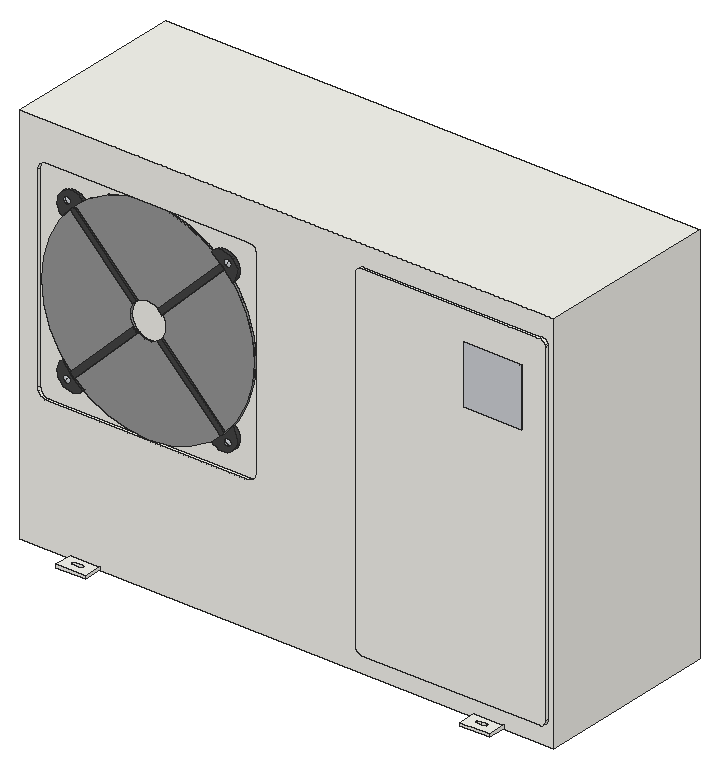
Revit family "CoolBox k 2.0-7.0", category Оборудование, Revit 2019
Family settings
  Размер круглого соединителя = Использовать диаметр
  Классификация = Нет
  Тип детали = Нормальный
  На основе рабочей плоскости = Нет
  Всегда вертикально = Нет
  При загрузке вырезать с полостями = Нет
  Общий = Нет
  Точка расчета площади = Нет
Parameters (values of type "CoolBox k 7.0")
  Фреон ж = 9.5 mm
  Фреон г = 15 mm
  Фреон = "R410A"
  Крепеж длина = 50 mm
  выдавл_вент = 5 mm
  Вентилятор от края = 215 mm
  B Ширина = 902 mm
  Толщина НК = 70 mm
  C Толщина = 307 mm
  НК от н края = 35 mm
  Крепеж от края = 85 mm
  Высота НК = 195 mm
  Высота ВК = 170 mm
  ADSK_Холодильная мощность = 7000 W
  ADSK_Номинальная мощность = 2280 W
  ADSK_Напряжение = 0 V
  ADSK_Наименование = "CoolBox k 7.0"
  ADSK_Масса = 50
  ADSK_Марка = ""
  ADSK_Количество фаз = 1
  ADSK_Количество = 0
  ADSK_Код изделия = ""
  ADSK_Завод-изготовитель = ""
  ADSK_Единица измерения = ""
  A Высота = 650 mm
  Вентилятор_R [instance] = 225 mm
  ВК от в края = 215 mm
Types (5, lengths in mm): name | Фреон ж | Фреон г | B Ширина | C Толщина | ADSK_Холодильная мощность | ADSK_Номинальная мощность | ADSK_Наименование | ADSK_Масса | A Высота
  CoolBox k 2.5 | 6.4 | 9 | 600 | 230 | 2500 W | 850 W | "CoolBox k 2.5" | 24 | 500
  CoolBox k 2.0 | 6.4 | 9 | 600 | 230 | 2000 W | 700 W | "CoolBox k 2.0" | 23 | 500
  CoolBox k 3.5 | 6.4 | 9 | 700 | 256 | 3500 W | 1130 W | "CoolBox k 3.5" | 30 | 552
  CoolBox k 5.0 | 6.4 | 12.7 | 760 | 256 | 5000 W | 1710 W | "CoolBox k 5.0" | 37 | 552
  CoolBox k 7.0 | 9.5 | 15 | 902 | 307 | 7000 W | 2280 W | "CoolBox k 7.0" | 50 | 650
Reference planes
  plane 1 "По центру (Вперед/Назад)": y = 0
  plane 2: z = 0
  plane 3 "По центру (Влево/Вправо)": x = 0
  plane 4: x = -451
  plane 5: x = 451
  plane 6: y = 153.5
  plane 7: y = -153.5
  plane 8: z = 650
  plane 9: z = 35
  plane 10: z = 435
  plane 11: x = 451
  plane 12: z = 169.5
  plane 13: z = 108.175
Forms (mm)
  Extrusion 1, solid, material "Сталь, окрашенная, слоновая кость, блестящая(1)", detail levels medium+fine
    sketch origin (0, 0, 0) x (1, 0, 0) y (0, 1, 0)
      loop
        line (-451, 153.5) -> (-451, -153.5) -> (451, -153.5) -> (451, 153.5) -> (-451, 153.5)
    from 0 to 650
  Extrusion 2, void, detail levels fine
    sketch origin (-1310.689, -153.5, 1200) x (1, 0, 0) y (0, 0, 1)
      loop
        arc (904.689, -615) -> (894.083, -619.393) -> (889.689, -630) r 15
        line (889.689, -630) -> (889.689, -960)
        arc (889.689, -960) -> (894.083, -970.607) -> (904.689, -975) r 15
        line (904.689, -975) -> (1244.689, -975)
        arc (1244.689, -975) -> (1255.296, -970.607) -> (1259.689, -960) r 15
        line (1259.689, -960) -> (1259.689, -630)
        arc (1259.689, -630) -> (1255.296, -619.393) -> (1244.689, -615) r 15
        line (1244.689, -615) -> (904.689, -615)
    from 0 to -5
  Extrusion 3, solid, material "Сталь, окрашенная, слоновая кость, блестящая(1)", detail levels medium
    sketch origin (451, 805.968, 1200) x (0, 1, 0) y (0, 0, 1)
      loop
        line (-860.835, -970) -> (-860.835, -1165) -> (-750.835, -1165) -> (-750.835, -970) -> (-860.835, -970)
    from 0 to 70 <- "Толщина НК"
  Extrusion 4, solid, material "Сталь, окрашенная, слоновая кость, блестящая(1)", detail levels medium
    sketch origin (451, 805.968, 1200) x (0, 1, 0) y (0, 0, 1)
      loop
        line (-908.264, -595) -> (-908.264, -765) -> (-769, -765) -> (-769, -595) -> (-908.264, -595)
    from 0 to 20
  Extrusion 5, solid, material "Сталь, окрашенная, слоновая кость, блестящая(1)", detail levels fine
    sketch origin (-1310.689, -153.5, 1200) x (-1, 0, 0) y (0, 0, 1)
      loop
        line (-1440.689, -585) -> (-1741.689, -585)
        arc (-1741.689, -585) -> (-1748.761, -587.929) -> (-1751.689, -595) r 10
        line (-1751.689, -595) -> (-1751.689, -1160)
        arc (-1751.689, -1160) -> (-1748.761, -1167.071) -> (-1741.689, -1170) r 10
        line (-1741.689, -1170) -> (-1440.689, -1170)
        arc (-1440.689, -1170) -> (-1433.618, -1167.071) -> (-1430.689, -1160) r 10
        line (-1430.689, -1160) -> (-1430.689, -595)
        arc (-1430.689, -595) -> (-1433.618, -587.929) -> (-1440.689, -585) r 10
    from 0 to -5
  Extrusion 6, solid, detail levels fine
    sketch origin (-1310.689, -158.5, 1200) x (1, 0, 0) y (0, 0, 1)
      loop
        line (1613.689, -635) -> (1613.689, -733) -> (1711.689, -733) -> (1711.689, -635) -> (1613.689, -635)
    from 0 to 1
  Extrusion 7, solid, material "Сталь, окрашенная, слоновая кость, блестящая(1)", detail levels fine
    sketch origin (-1125.713, 153.5, 1200) x (-1, 0, 0) y (0, 0, 1)
      loop
        line (-1486.713, -590) -> (-1541.713, -590)
        arc (-1541.713, -590) -> (-1548.784, -592.929) -> (-1551.713, -600) r 10
        line (-1551.713, -600) -> (-1551.713, -1160)
        arc (-1551.713, -1160) -> (-1548.784, -1167.071) -> (-1541.713, -1170) r 10
        line (-1541.713, -1170) -> (-1486.713, -1170)
        arc (-1486.713, -1170) -> (-1479.642, -1167.071) -> (-1476.713, -1160) r 10
        line (-1476.713, -1160) -> (-1476.713, -600)
        arc (-1476.713, -600) -> (-1479.642, -592.929) -> (-1486.713, -590) r 10
    from 0 to 5 <- "выдавл_вент"
  Extrusion 8, solid, material "Сталь, окрашенная, слоновая кость, блестящая(1)", detail levels medium+fine
    sketch origin (0, 0, 0) x (1, 0, 0) y (0, 1, 0)
      loop
        line (-366, 183.5) -> (-366, 153.5) -> (-316, 153.5) -> (-316, 183.5) -> (-366, 183.5)
      loop
        spline (-331, 168.5) -> (-331.341, 169.406) -> (-332.34, 170.25) -> (-333.929, 170.975) -> (-336, 171.531) -> (-338.412, 171.881) -> (-341, 172) -> (-343.588, 171.881) -> (-346, 171.531) -> (-348.071, 170.975) -> (-349.66, 170.25) -> (-350.659, 169.406) -> (-351, 168.5)
        spline (-351, 168.5) -> (-350.659, 167.594) -> (-349.66, 166.75) -> (-348.071, 166.025) -> (-346, 165.469) -> (-343.588, 165.119) -> (-341, 165) -> (-338.412, 165.119) -> (-336, 165.469) -> (-333.929, 166.025) -> (-332.34, 166.75) -> (-331.341, 167.594) -> (-331, 168.5)
    from 0 to 5
  Extrusion 9, solid, material "Сталь, окрашенная, слоновая кость, блестящая(1)", detail levels medium+fine
    sketch origin (0, 0, 0) x (1, 0, 0) y (0, 1, 0)
      loop
        line (-366, -183.5) -> (-316, -183.5) -> (-316, -153.5) -> (-366, -153.5) -> (-366, -183.5)
      loop
        spline (-331, -168.5) -> (-331.341, -167.594) -> (-332.34, -166.75) -> (-333.929, -166.025) -> (-336, -165.469) -> (-338.412, -165.119) -> (-341, -165) -> (-343.588, -165.119) -> (-346, -165.469) -> (-348.071, -166.025) -> (-349.66, -166.75) -> (-350.659, -167.594) -> (-351, -168.5)
        spline (-351, -168.5) -> (-350.659, -169.406) -> (-349.66, -170.25) -> (-348.071, -170.975) -> (-346, -171.531) -> (-343.588, -171.881) -> (-341, -172) -> (-338.412, -171.881) -> (-336, -171.531) -> (-333.929, -170.975) -> (-332.34, -170.25) -> (-331.341, -169.406) -> (-331, -168.5)
    from 0 to 5
  Extrusion 10, solid, material "Сталь, окрашенная, слоновая кость, блестящая(1)", detail levels medium+fine
    sketch origin (0, 0, 0) x (-1, 0, 0) y (0, -1, 0)
      loop
        line (-366, -183.5) -> (-316, -183.5) -> (-316, -153.5) -> (-366, -153.5) -> (-366, -183.5)
      loop
        spline (-331, -168.5) -> (-331.341, -167.594) -> (-332.34, -166.75) -> (-333.929, -166.025) -> (-336, -165.469) -> (-338.412, -165.119) -> (-341, -165) -> (-343.588, -165.119) -> (-346, -165.469) -> (-348.071, -166.025) -> (-349.66, -166.75) -> (-350.659, -167.594) -> (-351, -168.5)
        spline (-351, -168.5) -> (-350.659, -169.406) -> (-349.66, -170.25) -> (-348.071, -170.975) -> (-346, -171.531) -> (-343.588, -171.881) -> (-341, -172) -> (-338.412, -171.881) -> (-336, -171.531) -> (-333.929, -170.975) -> (-332.34, -170.25) -> (-331.341, -169.406) -> (-331, -168.5)
    from 0 to 5
  Extrusion 11, solid, material "Сталь, окрашенная, слоновая кость, блестящая(1)", detail levels medium+fine
    sketch origin (0, 0, 0) x (-1, 0, 0) y (0, -1, 0)
      loop
        line (-366, 183.5) -> (-366, 153.5) -> (-316, 153.5) -> (-316, 183.5) -> (-366, 183.5)
      loop
        spline (-331, 168.5) -> (-331.341, 169.406) -> (-332.34, 170.25) -> (-333.929, 170.975) -> (-336, 171.531) -> (-338.412, 171.881) -> (-341, 172) -> (-343.588, 171.881) -> (-346, 171.531) -> (-348.071, 170.975) -> (-349.66, 170.25) -> (-350.659, 169.406) -> (-351, 168.5)
        spline (-351, 168.5) -> (-350.659, 167.594) -> (-349.66, 166.75) -> (-348.071, 166.025) -> (-346, 165.469) -> (-343.588, 165.119) -> (-341, 165) -> (-338.412, 165.119) -> (-336, 165.469) -> (-333.929, 166.025) -> (-332.34, 166.75) -> (-331.341, 167.594) -> (-331, 168.5)
    from 0 to 5
Cuts and joins
  Extrusion 2 cuts Extrusion 1
Lines and regions (mm)
  model lines, detail levels fine
    curve 1: line (-431, -133.5, 650) -> (0, -133.5, 650)
    curve 2: line (0, -113.5, 650) -> (-30, -113.5, 650)
    curve 3: line (-30, -113.5, 650) -> (0, -133.5, 650)
    curve 4: line (0, -113.5, 650) -> (30, -113.5, 650)
    curve 5: line (30, -113.5, 650) -> (0, -133.5, 650)
    curve 6: line (0, -111.455, 650) -> (-431, -111.455, 650)
    curve 7: arc (-431, -133.5, 650) -> (-442.023, -122.477, 650) -> (-431, -111.455, 650) r 11.023
    curve 8: line (431, -133.5, 650) -> (0, -133.5, 650)
    curve 9: line (0, -111.455, 650) -> (431, -111.455, 650)
    curve 10: arc (431, -133.5, 650) -> (442.023, -122.477, 650) -> (431, -111.455, 650) r 11.023
    curve 11: line (-451, -153.5, 625) -> (451, -153.5, 625)
    curve 12: line (-451, 153.5, 625) -> (451, 153.5, 625)
    curve 13: line (-451, -153.5, 625) -> (-451, 153.5, 625)
    curve 14: line (451, -153.5, 625) -> (451, 153.5, 625)
  model lines, detail levels coarse
    curve 15: line (451, 98.728, 169.5) -> (451, 0, 169.5)
    curve 16: line (451, 98.728, 108.175) -> (451, 0, 108.175)
    curve 17: line (-451, 0, 650) -> (451, 0, 650)
    curve 18: line (-451, 0, 0) -> (-451, 0, 650)
    curve 19: line (451, 0, 0) -> (-451, 0, 0)
    curve 20: line (451, 0, 650) -> (451, 0, 0)
    curve 21: line (447.825, 0, 108.175) -> (451, 0, 108.175)
    curve 22: line (447.825, 0, 108.175) -> (401, 0, 108.175)
    curve 23: line (451, 0, 169.5) -> (451, 0, 516)
    curve 24: line (451, 0, 516) -> (80, 0, 516)
    curve 25: circle (0, 0, 516) r 80 normal (0, -1, 0)
    curve 26: line (-80, 0, 516) -> (-48.18, 0, 547.82)
    curve 27: line (-80, 0, 516) -> (-48.18, 0, 484.18)
    curve 28: line (-48.18, 0, 547.82) -> (-48.18, 0, 484.18)
    curve 29: line (-80, 0, 516) -> (-371, 0, 516)
    curve 30: line (-371, 0, 516) -> (-371, 0, 108.175)
    curve 31: line (-371, 0, 108.175) -> (-321, 0, 108.175)
    curve 32: line (-321, 0, 108.175) -> (-271.503, 0, 157.672)
    curve 33: line (-271.503, 0, 157.672) -> (-222.005, 0, 108.175)
    curve 34: line (-321, 0, 108.175) -> (-271.503, 0, 58.678)
    curve 35: line (-271.503, 0, 58.678) -> (-222.005, 0, 108.175)
    curve 36: line (-222.005, 0, 108.175) -> (401, 0, 108.175)
    curve 37: line (-271.503, 0, 172.672) -> (-292.716, 0, 193.886)
    curve 38: line (-271.503, 0, 172.672) -> (-250.289, 0, 193.886)
    curve 39: line (-292.716, 0, 193.886) -> (-250.289, 0, 193.886)
    curve 40: line (-271.503, 0, 22.464) -> (-292.716, 0, 43.678)
    curve 41: line (-271.503, 0, 22.464) -> (-250.289, 0, 43.678)
    curve 42: line (-292.716, 0, 43.678) -> (-250.289, 0, 43.678)
  reference lines
    curve 43: line (494.732, -15.009, 108.175) -> (494.732, 55.133, 108.175)
    curve 44: line (477.105, 55.133, 169.5) -> (477.105, -15.009, 169.5)
Dimensions and locks
  equal spacing: plane 7, plane 1 "По центру (Вперед/Назад)", plane 6
  equal spacing: plane 4, plane 3 "По центру (Влево/Вправо)", plane 5
  "C Толщина": plane 6 to plane 7
  "B Ширина": plane 4 to plane 5
  "A Высота": plane 8 to plane 2
  plane 8 to Extrusion 2 sketch curve = 65 mm
  Extrusion 2 sketch curve to plane 4 = 30 mm
  Extrusion 2 sketch curve to Extrusion 2 sketch curve = 370 mm
  Extrusion 2 sketch curve to Extrusion 2 sketch curve = 360 mm
  "НК от н края": plane 9 to plane 2
  "ВК от в края": plane 8 to plane 10
  plane 8 to Extrusion 5 sketch curve = 35 mm
  plane 5 to Extrusion 5 sketch curve = 10 mm
  Extrusion 5 sketch curve to plane 2 = 30 mm
  plane 8 to Extrusion 6 sketch curve = 85 mm
  plane 5 to Extrusion 6 sketch curve = 50 mm
  Extrusion 6 sketch curve to Extrusion 6 sketch curve = 98 mm  (x2)
  Extrusion 7 sketch curve to plane 8 = 40 mm
  Extrusion 7 sketch curve to Extrusion 7 sketch curve = 75 mm
  plane 5 to Extrusion 7 sketch curve = 25 mm
  "Крепеж от края": plane 4 to Extrusion 8 sketch curve
  "Крепеж длина": Extrusion 8 sketch curve to Extrusion 8 sketch curve
  Extrusion 8 sketch curve to plane 6 = 30 mm
  equal spacing: Extrusion 8 sketch curve, Extrusion 8 sketch curve, Extrusion 8 sketch curve
  equal spacing: Extrusion 8 sketch curve, Extrusion 8 sketch curve, plane 6
  "Крепеж длина": Extrusion 9 sketch curve to Extrusion 9 sketch curve
  equal spacing: Extrusion 9 sketch curve, Extrusion 9 sketch curve, Extrusion 9 sketch curve
  Extrusion 9 sketch curve to Extrusion 9 sketch curve = 15 mm
  curve 1 to plane 7 = 20 mm
  curve 1 to curve 6 = 22.045 mm
  curve 8 to curve 9 = 22.045 mm
  plane 8 to curve 11 = 25 mm
  plane 8 to curve 12 = 25 mm
  plane 8 to curve 13 = 25 mm
  plane 8 to curve 14 = 25 mm
  "Вентилятор от края": nested 1 to plane 4
  locked: plane 8 to nested 1 at 245
  locked: Extrusion 3 sketch curve to Extrusion 3 sketch curve at 110
  locked: Extrusion 3 sketch curve to plane 9 at 195
  "Крепеж длина": Extrusion 10 sketch curve to Extrusion 10 sketch curve
  equal spacing: Extrusion 10 sketch curve, Extrusion 10 sketch curve, Extrusion 10 sketch curve
  Extrusion 10 sketch curve to Extrusion 10 sketch curve = 15 mm
  "Крепеж длина": Extrusion 11 sketch curve to Extrusion 11 sketch curve
  equal spacing: Extrusion 11 sketch curve, Extrusion 11 sketch curve, Extrusion 11 sketch curve
  Extrusion 11 sketch curve to Extrusion 11 sketch curve = 15 mm
  "Крепеж от края": Extrusion 11 sketch curve to plane 11
  "Крепеж от края": Extrusion 10 sketch curve to plane 11
  aligned and locked: level to plane 2
  aligned and locked: plane 7 to Extrusion 1 sketch curve
  aligned and locked: plane 4 to Extrusion 1 sketch curve
  aligned and locked: Extrusion 1 sketch curve to plane 5
  aligned and locked: Extrusion 1 sketch curve to plane 6
  aligned and locked: plane 8 to Extrusion 1
  aligned and locked: Extrusion 1 to plane 2
  aligned and locked: plane 10 to Extrusion 4 sketch curve
  aligned and locked: plane 7 to Extrusion 5
  aligned and locked: plane 6 to Extrusion 8 sketch curve
  aligned and locked: plane 7 to Extrusion 9
  aligned and locked: Extrusion 9 to plane 2
  aligned and locked: plane 3 "По центру (Влево/Вправо)" to curve 6
  aligned and locked: plane 3 "По центру (Влево/Вправо)" to curve 1
  aligned and locked: plane 4 to curve 11
  aligned and locked: plane 5 to curve 11
  aligned and locked: plane 4 to curve 12
  aligned and locked: plane 5 to curve 12
  aligned and locked: plane 7 to curve 13
  aligned and locked: plane 6 to curve 13
  aligned and locked: plane 7 to curve 14
  aligned and locked: plane 6 to curve 14
  aligned and locked: plane 4 to curve 18
  aligned and locked: plane 2 to curve 19
  aligned and locked: curve 20 to plane 5
  aligned and locked: curve 17 to plane 8
  aligned and locked: curve 23 to plane 5
  aligned and locked: plane 11 to plane 5
  aligned and locked: Extrusion 3 to curve 43
  aligned and locked: Extrusion 3 to curve 44
Automatic sketch dimensions
  Extrusion 2 sketch curve to Extrusion 2 sketch curve = 15 mm  (x4)
  Extrusion 3 sketch curve to plane 9 = 0 mm
  plane 1 "По центру (Вперед/Назад)" to Extrusion 3 sketch curve = 54.867 mm
  plane 7 to Extrusion 4 sketch curve = 51.204 mm
  Extrusion 4 sketch curve to plane 1 "По центру (Вперед/Назад)" = 36.969 mm
  Extrusion 4 sketch curve to plane 8 = 45 mm
  curve 4 to plane 3 "По центру (Влево/Вправо)" = 0 mm
  curve 5 to curve 2 = 30 mm
  curve 8 to plane 5 = 20 mm
  curve 3 to plane 3 "По центру (Влево/Вправо)" = 30 mm
  plane 4 to curve 6 = 20 mm
  curve 6 to curve 4 = 2.045 mm
  Extrusion 5 sketch curve to Extrusion 5 sketch curve = 10 mm  (x3)
  plane 9 to Extrusion 5 sketch curve = 5 mm
  plane 3 "По центру (Влево/Вправо)" to Extrusion 5 sketch curve = 130 mm
  Extrusion 7 sketch curve to plane 9 = 5 mm
  Extrusion 7 sketch curve to Extrusion 7 sketch curve = 10 mm  (x3)
  plane 9 to Extrusion 7 sketch curve = 5 mm
  curve 16 to plane 1 "По центру (Вперед/Назад)" = 0 mm
  curve 15 to plane 1 "По центру (Вперед/Назад)" = 0 mm
  plane 9 to curve 16 = 73.175 mm
  curve 16 to curve 15 = 61.325 mm
  curve 16 to plane 6 = 54.772 mm
  curve 15 to plane 6 = 54.772 mm
  curve 25 to plane 3 "По центру (Влево/Вправо)" = 0 mm
  plane 4 to curve 30 = 80 mm
  curve 30 to curve 32 = 50 mm
  plane 9 to curve 40 = 8.678 mm
  curve 31 to curve 40 = 28.284 mm
  curve 31 to curve 39 = 28.284 mm
  curve 37 to curve 33 = 21.213 mm
  curve 40 to plane 9 = 12.536 mm
  curve 40 to curve 41 = 21.213 mm
  curve 37 to curve 32 = 0 mm
  plane 9 to curve 35 = 23.678 mm
  curve 35 to curve 41 = 21.213 mm
  curve 37 to curve 39 = 21.213 mm
  curve 28 to plane 3 "По центру (Влево/Вправо)" = 48.18 mm
  curve 22 to plane 5 = 50 mm
  curve 22 to plane 5 = 3.175 mm
  plane 9 to curve 22 = 73.175 mm
  curve 32 to curve 38 = 15 mm
  plane 10 to curve 27 = 49.18 mm
  plane 10 to curve 29 = 81 mm
  curve 27 to curve 25 = 31.82 mm
  plane 10 to curve 24 = 81 mm
  curve 29 to curve 26 = 31.82 mm
  curve 29 to curve 27 = 31.82 mm
  curve 21 to curve 23 = 61.325 mm
  curve 27 to curve 29 = 0 mm
  curve 26 to curve 27 = 0 mm
  curve 43 to plane 1 "По центру (Вперед/Назад)" = 55.133 mm
  plane 5 to curve 43 = 43.732 mm
  plane 1 "По центру (Вперед/Назад)" to curve 43 = 15.009 mm
  curve 44 to plane 1 "По центру (Вперед/Назад)" = 55.133 mm
  plane 5 to curve 44 = 26.105 mm
  plane 1 "По центру (Вперед/Назад)" to curve 44 = 15.009 mm
  Extrusion 8 sketch curve to Extrusion 8 sketch curve = 10 mm
  Extrusion 9 sketch curve to plane 7 = 0 mm
  Extrusion 9 sketch curve to plane 7 = 30 mm
  plane 4 to Extrusion 9 sketch curve = 85 mm
  Extrusion 9 sketch curve to Extrusion 9 sketch curve = 10 mm
  Extrusion 9 sketch curve to plane 7 = 15 mm
  Extrusion 10 sketch curve to plane 6 = 0 mm
  Extrusion 10 sketch curve to Extrusion 10 sketch curve = 30 mm
  Extrusion 10 sketch curve to Extrusion 10 sketch curve = 10 mm
  plane 6 to Extrusion 10 sketch curve = 15 mm
  Extrusion 11 sketch curve to plane 7 = 0 mm
  Extrusion 11 sketch curve to Extrusion 11 sketch curve = 30 mm
  Extrusion 11 sketch curve to Extrusion 11 sketch curve = 10 mm
  Extrusion 11 sketch curve to plane 7 = 15 mm
Nested families
  nested 1: "Вентилятор" at (-236, -148.5, 405) x (1, 0, 0) z (0, -1, 0), type "Вентилятор"
    with Глубина вентилятора 5 mm, Вентилятор_R 180 mm, Вентилятор_D 360 mm, L 350 mm
Connectors
  piping at (477.105, 55.133, 169.5), diameter 9.5, driven by "Фреон ж"
    settings: on curve 44, index 1, connector inside diameter 609.6 mm, connector length 0 mm, flow factor 0, pipe flow 0.0 L/s, pressure drop 0.0 Pa, fitting loss kfactor 0, connector angle 0.00°, fixture units 0, engagement length 0 mm, angle of deflection 0.00°, flow configuration 0, flow direction 2, fitting loss method 0, system type 29, joint type 0, gender type 0, connector reference index -1, connector utility 0, adjustable connector no, is connector primary yes, connector description "Фреон Ж"
  piping at (494.732, 55.133, 108.175), diameter 15, driven by "Фреон г"
    settings: on curve 43, index 2, connector inside diameter 609.6 mm, connector length 0 mm, flow factor 0, pipe flow 0.0 L/s, pressure drop 0.0 Pa, fitting loss kfactor 0, connector angle 0.00°, fixture units 0, engagement length 0 mm, angle of deflection 0.00°, flow configuration 0, flow direction 1, fitting loss method 0, system type 29, joint type 0, gender type 0, connector reference index -1, connector utility 0, adjustable connector no, is connector primary no, connector description "Фреон Г"
Definition of nested family "Вентилятор"
  Parameters (values of type "Вентилятор")
    Watermarked By = ""
    Type Comments = "﻿﻿                                    ​         ​                       ​     ﻿                             ﻿      ﻿  ﻿   ​ ﻿       ﻿   ﻿   ﻿﻿"
    Keynote = "﻿﻿                                    ​         ​                       ​     ﻿                             ﻿      ﻿  ﻿   ​ ﻿       ﻿   ﻿   ﻿﻿"
    Description = "﻿﻿                                    ​         ​                       ​     ﻿                             ﻿      ﻿  ﻿   ​ ﻿       ﻿   ﻿   ﻿﻿"
    Default Elevation = 1219.2 mm
    Вентилятор_D [instance] = 360 mm
    Глубина вентилятора [instance] = 5 mm
    Вентилятор_R [instance] = Вентилятор_D / 2  # 180 mm
    L [instance] = Вентилятор_D - 8.8 mm - 1.2 mm  # 350 mm
    Assembly Code = "﻿﻿                                    ​         ​                       ​     ﻿                             ﻿      ﻿  ﻿   ​ ﻿       ﻿   ﻿   ﻿﻿"
  Reference planes
    plane 1 "По центру (Вперед/Назад)": y = 0
    plane 2: z = 0
    plane 3 "По центру (Влево/Вправо)": x = 0
    plane 4: z = 483
    plane 5: through (0, 0, 1219.2) normal (0.7071, 0.7071, 0)
    plane 6: through (0, 0, 1219.2) normal (0.7071, -0.7071, 0)
    plane 7: through (-123.744, 123.744, 1219.2) normal (0.7071, -0.7071, 0)
    plane 8: through (123.744, -123.744, 1219.2) normal (0.7071, -0.7071, 0)
    plane 9: through (-123.744, -123.744, 1219.2) normal (0.7071, 0.7071, 0)
    plane 10: through (123.744, 123.744, 1219.2) normal (0.7071, 0.7071, 0)
  Forms (mm)
    Extrusion 1, solid
      sketch origin (0, 0, 0) x (1, 0, 0) y (0, 1, 0)
        loop
          line (-1219.2, 1219.2) -> (-1219.2, -1219.2) -> (1219.2, -1219.2) -> (1219.2, 1219.2) -> (-1219.2, 1219.2)
      from 0 to -304.8
    Extrusion 2, solid, detail levels medium+fine
      sketch origin (0, 0, 0) x (1, 0, 0) y (0, 1, 0)
        loop
          circle (0, 0) r 180
        loop
          circle (0, 0) r 30
      from 0 to 3
    Extrusion 3, solid, detail levels medium+fine
      sketch origin (0, 0, 0) x (1, 0, 0) y (0, 1, 0)
        loop
          line (120.208, 127.279) -> (17.381, 24.452)
          arc (17.381, 24.452) -> (21.213, 21.213) -> (24.452, 17.381) r 30
          line (24.452, 17.381) -> (127.279, 120.208)
          arc (127.279, 120.208) -> (127.279, 127.279) -> (120.208, 127.279) r 5
        loop
          line (-127.279, 120.208) -> (-24.452, 17.381)
          arc (-24.452, 17.381) -> (-21.213, 21.213) -> (-17.381, 24.452) r 30
          line (-17.381, 24.452) -> (-120.208, 127.279)
          arc (-120.208, 127.279) -> (-127.279, 127.279) -> (-127.279, 120.208) r 5
        loop
          line (-24.452, -17.381) -> (-127.279, -120.208)
          arc (-127.279, -120.208) -> (-127.279, -127.279) -> (-120.208, -127.279) r 5
          line (-120.208, -127.279) -> (-17.381, -24.452)
          arc (-17.381, -24.452) -> (-21.213, -21.213) -> (-24.452, -17.381) r 30
        loop
          arc (24.452, -17.381) -> (21.213, -21.213) -> (17.381, -24.452) r 30
          line (17.381, -24.452) -> (120.208, -127.279)
          arc (120.208, -127.279) -> (127.279, -127.279) -> (127.279, -120.208) r 5
          line (127.279, -120.208) -> (24.452, -17.381)
      from 0 to 5
    Extrusion 4, solid, detail levels fine
      sketch origin (0, 0, 0) x (1, 0, 0) y (0, 1, 0)
        loop
          arc (-144.957, 144.957) -> (-152.264, 126.411) -> (-143.687, 108.417) r 25
          arc (-143.687, 108.417) -> (-127.279, 127.279) -> (-108.417, 143.687) r 180
          arc (-108.417, 143.687) -> (-126.411, 152.264) -> (-144.957, 144.957) r 25
        loop
          arc (144.957, 144.957) -> (126.411, 152.264) -> (108.417, 143.687) r 25
          arc (108.417, 143.687) -> (127.279, 127.279) -> (143.687, 108.417) r 180
          arc (143.687, 108.417) -> (152.264, 126.411) -> (144.957, 144.957) r 25
        loop
          arc (-144.957, -144.957) -> (-126.411, -152.264) -> (-108.417, -143.687) r 25
          arc (-108.417, -143.687) -> (-127.279, -127.279) -> (-143.687, -108.417) r 180
          arc (-143.687, -108.417) -> (-152.264, -126.411) -> (-144.957, -144.957) r 25
        loop
          arc (144.957, -144.957) -> (152.264, -126.411) -> (143.687, -108.417) r 25
          arc (143.687, -108.417) -> (127.279, -127.279) -> (108.417, -143.687) r 180
          arc (108.417, -143.687) -> (126.411, -152.264) -> (144.957, -144.957) r 25
      from 0 to 5
    Revolve 5, solid, detail levels fine
      sketch origin (0, 0, 1219.2) x (-0.707107, 0.707107, 0) y (0, 0, 1)
        loop
          line (-191.632, -1214.2) -> (-186.591, -1214.2)
          arc (-186.591, -1214.2) -> (-189.012, -1213.121) -> (-191.632, -1212.715) r 10
          line (-191.632, -1212.715) -> (-191.632, -1214.2)
        axis (-191.632, -1212.715) -> (-191.632, -1214.2)
      angle from 0 to 360
    Revolve 6, solid, detail levels fine
      sketch origin (0, 0, 1219.2) x (0.707107, 0.707107, 0) y (0, 0, -1)
        loop
          line (-191.632, 1214.2) -> (-191.632, 1212.715)
          arc (-191.632, 1212.715) -> (-189.012, 1213.121) -> (-186.591, 1214.2) r 10
          line (-186.591, 1214.2) -> (-191.632, 1214.2)
        axis (-191.632, 1212.715) -> (-191.632, 1214.2)
      angle from 0 to 360
    Revolve 7, solid, detail levels fine
      sketch origin (0, 0, 1219.2) x (-0.707107, -0.707107, 0) y (0, 0, -1)
        loop
          line (-191.632, 1214.2) -> (-191.632, 1212.715)
          arc (-191.632, 1212.715) -> (-189.012, 1213.121) -> (-186.591, 1214.2) r 10
          line (-186.591, 1214.2) -> (-191.632, 1214.2)
        axis (-191.632, 1212.715) -> (-191.632, 1214.2)
      angle from 0 to 360
    Revolve 8, solid, detail levels fine
      sketch origin (0, 0, 1219.2) x (0.707107, -0.707107, 0) y (0, 0, 1)
        loop
          line (-191.632, -1214.2) -> (-186.591, -1214.2)
          arc (-186.591, -1214.2) -> (-189.012, -1213.121) -> (-191.632, -1212.715) r 10
          line (-191.632, -1212.715) -> (-191.632, -1214.2)
        axis (-191.632, -1212.715) -> (-191.632, -1214.2)
      angle from 0 to 360
  Lines and regions (mm)
    model lines, detail levels fine
      curve 1: circle (0, 0, 3) r 10 normal (0, 0, 1)
      curve 2: circle (0, 0, 3) r 20 normal (0, 0, 1)
      curve 4: circle (0, 0, 3) r 50 normal (0, 0, 1)
      curve 5: circle (0, 0, 3) r 60 normal (0, 0, 1)
      curve 6: circle (0, 0, 3) r 80 normal (0, 0, 1)
      curve 7: circle (0, 0, 3) r 90 normal (0, 0, 1)
      curve 8: circle (0, 0, 3) r 110 normal (0, 0, 1)
      curve 9: circle (0, 0, 3) r 120 normal (0, 0, 1)
      curve 10: circle (0, 0, 3) r 140 normal (0, 0, 1)
      curve 11: circle (0, 0, 3) r 150 normal (0, 0, 1)
    model lines, detail levels medium+fine
      curve 3: circle (0, 0, 3) r 30 normal (0, 0, 1)
    model lines, not visible
      curve 12: arc (-25, -225, 5) -> (225, 25, 5) -> (-25, 275, 5) r 250
      curve 13: arc (-25, 275, 5) -> (-275, 25, 5) -> (-25, -225, 5) r 250
      curve 14: circle (-25, 25, 5) r 60 normal (0, 0, 1)
      curve 15: circle (-25, 25, 5) r 70 normal (0, 0, 1)
      curve 16: circle (-25, 25, 5) r 90 normal (0, 0, 1)
      curve 17: circle (-25, 25, 5) r 100 normal (0, 0, 1)
      curve 18: circle (-25, 25, 5) r 120 normal (0, 0, 1)
      curve 19: circle (-25, 25, 5) r 130 normal (0, 0, 1)
      curve 20: circle (-25, 25, 5) r 150 normal (0, 0, 1)
      curve 21: circle (-25, 25, 5) r 160 normal (0, 0, 1)
      curve 22: circle (-25, 25, 5) r 180 normal (0, 0, 1)
      curve 23: circle (-25, 25, 5) r 190 normal (0, 0, 1)
      curve 24: circle (-25, 25, 5) r 210 normal (0, 0, 1)
      curve 25: circle (-25, 25, 5) r 220 normal (0, 0, 1)
      curve 26: circle (-25, 25, 5) r 240 normal (0, 0, 1)
      curve 27: circle (-25, 25, 5) r 40 normal (0, 0, 1)
  Dimensions and locks
    plane 4 to plane 2 = 483 mm
    equal spacing: plane 10, plane 5, plane 9
    equal spacing: plane 7, plane 6, plane 8
    "L": plane 10 to plane 9
    "L": plane 7 to plane 8
    Extrusion 3 sketch curve to plane 5 to Extrusion 3 sketch curve = 5 mm locked, 5 mm locked  (x2)
    Extrusion 3 sketch curve to plane 6 to Extrusion 3 sketch curve = 5 mm locked, 5 mm locked  (x2)
    "Вентилятор_R": radius of Extrusion 2 sketch curve
    radius of Extrusion 3 sketch curve = 5 mm  (x4)
    aligned and locked: plane 2 to Extrusion 1
    aligned and locked: level to Extrusion 1
    aligned and locked: plane 3 "По центру (Влево/Вправо)" to Extrusion 2
    aligned and locked: Extrusion 3 sketch curve to Extrusion 2  (x4)
    aligned and locked: plane 10 to Extrusion 3 sketch curve  (x2)
    aligned and locked: plane 8 to Extrusion 3 sketch curve  (x2)
    aligned and locked: plane 9 to Extrusion 3 sketch curve  (x2)
    aligned and locked: plane 7 to Extrusion 3 sketch curve  (x2)
    aligned and locked: plane 5 to Extrusion 4 sketch curve
    aligned and locked: plane 6 to Extrusion 4 sketch curve  (x2)
    aligned and locked: Revolve 5 sketch curve to Extrusion 4
    aligned and locked: Revolve 6 to Extrusion 4  (x2)
    aligned and locked: Extrusion 4 to Revolve 5  (x2)
  Automatic sketch dimensions
    curve 1 to curve 7 = 0 mm  (x3)
    curve 2 to curve 4 = 0 mm  (x4)
    curve 2 to curve 7 = 0 mm  (x3)
    curve 3 to curve 4 = 0 mm  (x3)
    curve 3 to curve 8 = 0 mm  (x3)
    curve 3 to curve 9 = 0 mm  (x3)
    curve 4 to curve 6 = 0 mm  (x3)
    curve 5 to curve 6 = 0 mm  (x4)
    curve 5 to curve 11 = 0 mm  (x3)
    curve 6 to curve 7 = 0 mm  (x3)
    curve 8 to curve 9 = 0 mm  (x4)
    curve 9 to curve 11 = 0 mm  (x3)
    curve 10 to curve 11 = 0 mm  (x4)
    curve 1 to curve 2 = 0 mm  (x2)
    curve 1 to curve 3 = 0 mm  (x2)
    curve 1 to curve 4 = 0 mm  (x2)
    curve 1 to curve 5 = 0 mm  (x2)
    curve 1 to curve 6 = 0 mm  (x2)
    curve 1 to curve 8 = 0 mm  (x2)
    curve 1 to curve 9 = 0 mm  (x2)
    curve 1 to curve 10 = 0 mm  (x2)
    curve 1 to curve 11 = 0 mm  (x2)
    curve 2 to curve 3 = 0 mm  (x2)
    curve 2 to curve 5 = 0 mm  (x2)
    curve 2 to curve 6 = 0 mm  (x2)
    curve 2 to curve 8 = 0 mm  (x2)
    curve 2 to curve 9 = 0 mm  (x2)
    curve 2 to curve 10 = 0 mm  (x2)
    curve 2 to curve 11 = 0 mm  (x2)
    curve 3 to curve 5 = 0 mm  (x2)
    curve 3 to curve 6 = 0 mm  (x2)
    curve 3 to curve 7 = 0 mm  (x2)
    curve 3 to curve 10 = 0 mm  (x2)
    curve 3 to curve 11 = 0 mm  (x2)
    curve 4 to curve 5 = 0 mm  (x2)
    curve 4 to curve 7 = 0 mm  (x2)
    curve 4 to curve 8 = 0 mm  (x2)
    curve 4 to curve 9 = 0 mm  (x2)
    curve 4 to curve 10 = 0 mm  (x2)
    curve 4 to curve 11 = 0 mm  (x2)
    curve 5 to curve 7 = 0 mm  (x2)
    curve 5 to curve 8 = 0 mm  (x2)
    curve 5 to curve 9 = 0 mm  (x2)
    curve 5 to curve 10 = 0 mm  (x2)
    curve 6 to curve 8 = 0 mm  (x2)
    curve 6 to curve 9 = 0 mm  (x2)
    curve 6 to curve 10 = 0 mm  (x2)
    curve 6 to curve 11 = 0 mm  (x2)
    curve 7 to curve 8 = 0 mm  (x2)
    curve 7 to curve 9 = 0 mm  (x2)
    curve 7 to curve 10 = 0 mm  (x2)
    curve 7 to curve 11 = 0 mm  (x2)
    curve 8 to curve 10 = 0 mm  (x2)
    curve 8 to curve 11 = 0 mm  (x2)
    curve 9 to curve 10 = 0 mm  (x2)
    curve 12 to curve 15 = 0 mm  (x4)
    curve 13 to curve 17 = 0 mm  (x3)
    curve 14 to curve 21 = 0 mm  (x3)
    curve 14 to curve 26 = 0 mm  (x4)
    curve 15 to curve 24 = 0 mm  (x3)
    curve 15 to curve 25 = 0 mm  (x3)
    curve 15 to curve 27 = 0 mm  (x3)
    curve 16 to curve 18 = 0 mm  (x4)
    curve 16 to curve 21 = 0 mm  (x3)
    curve 17 to curve 18 = 0 mm  (x3)
    curve 17 to curve 22 = 0 mm  (x3)
    curve 17 to curve 23 = 0 mm  (x3)
    curve 18 to curve 20 = 0 mm  (x3)
    curve 19 to curve 20 = 0 mm  (x4)
    curve 19 to curve 25 = 0 mm  (x3)
    curve 19 to curve 27 = 0 mm  (x3)
    curve 20 to curve 21 = 0 mm  (x3)
    curve 21 to curve 26 = 0 mm  (x3)
    curve 22 to curve 23 = 0 mm  (x4)
    curve 23 to curve 25 = 0 mm  (x3)
    curve 24 to curve 25 = 0 mm  (x4)
    curve 25 to curve 27 = 0 mm  (x3)
    curve 13 to curve 12 = 250 mm
    curve 12 to curve 13 = 0 mm  (x2)
    curve 12 to curve 14 = 0 mm  (x2)
    curve 12 to curve 16 = 0 mm  (x2)
    curve 12 to curve 17 = 0 mm  (x2)
    curve 12 to curve 18 = 0 mm  (x2)
    curve 12 to curve 19 = 0 mm  (x2)
    curve 12 to curve 20 = 0 mm  (x2)
    curve 12 to curve 21 = 0 mm  (x2)
    curve 12 to curve 22 = 0 mm  (x2)
    curve 12 to curve 23 = 0 mm  (x2)
    curve 12 to curve 24 = 0 mm  (x2)
    curve 12 to curve 25 = 0 mm  (x2)
    curve 12 to curve 26 = 0 mm  (x2)
    curve 12 to curve 27 = 0 mm  (x2)
    curve 13 to curve 14 = 0 mm  (x2)
    curve 13 to curve 15 = 0 mm  (x2)
    curve 13 to curve 16 = 0 mm  (x2)
    curve 13 to curve 18 = 0 mm  (x2)
    curve 13 to curve 19 = 0 mm  (x2)
    curve 13 to curve 20 = 0 mm  (x2)
    curve 13 to curve 21 = 0 mm  (x2)
    curve 13 to curve 22 = 0 mm  (x2)
    curve 13 to curve 23 = 0 mm  (x2)
    curve 13 to curve 24 = 0 mm  (x2)
    curve 13 to curve 25 = 0 mm  (x2)
    curve 13 to curve 26 = 0 mm  (x2)
    curve 13 to curve 27 = 0 mm  (x2)
    curve 14 to curve 15 = 0 mm  (x2)
    curve 14 to curve 16 = 0 mm  (x2)
    curve 14 to curve 17 = 0 mm  (x2)
    curve 14 to curve 18 = 0 mm  (x2)
    curve 14 to curve 19 = 0 mm  (x2)
    curve 14 to curve 20 = 0 mm  (x2)
    curve 14 to curve 22 = 0 mm  (x2)
    curve 14 to curve 23 = 0 mm  (x2)
    curve 14 to curve 24 = 0 mm  (x2)
    curve 14 to curve 25 = 0 mm  (x2)
    curve 14 to curve 27 = 0 mm  (x2)
    curve 15 to curve 16 = 0 mm  (x2)
    curve 15 to curve 17 = 0 mm  (x2)
    curve 15 to curve 18 = 0 mm  (x2)
    curve 15 to curve 19 = 0 mm  (x2)
    curve 15 to curve 20 = 0 mm  (x2)
    curve 15 to curve 21 = 0 mm  (x2)
    curve 15 to curve 22 = 0 mm  (x2)
    curve 15 to curve 23 = 0 mm  (x2)
    curve 15 to curve 26 = 0 mm  (x2)
    curve 16 to curve 17 = 0 mm  (x2)
    curve 16 to curve 19 = 0 mm  (x2)
    curve 16 to curve 20 = 0 mm  (x2)
    curve 16 to curve 22 = 0 mm  (x2)
    curve 16 to curve 23 = 0 mm  (x2)
    curve 16 to curve 24 = 0 mm  (x2)
    curve 16 to curve 25 = 0 mm  (x2)
    curve 16 to curve 26 = 0 mm  (x2)
    curve 16 to curve 27 = 0 mm  (x2)
    curve 17 to curve 19 = 0 mm  (x2)
    curve 17 to curve 20 = 0 mm  (x2)
    curve 17 to curve 21 = 0 mm  (x2)
    curve 17 to curve 24 = 0 mm  (x2)
    curve 17 to curve 25 = 0 mm  (x2)
    curve 17 to curve 26 = 0 mm  (x2)
    curve 17 to curve 27 = 0 mm  (x2)
    curve 18 to curve 19 = 0 mm  (x2)
    curve 18 to curve 21 = 0 mm  (x2)
    curve 18 to curve 22 = 0 mm  (x2)
    curve 18 to curve 23 = 0 mm  (x2)
    curve 18 to curve 24 = 0 mm  (x2)
    curve 18 to curve 25 = 0 mm  (x2)
    curve 18 to curve 26 = 0 mm  (x2)
    curve 18 to curve 27 = 0 mm  (x2)
    curve 19 to curve 21 = 0 mm  (x2)
    curve 19 to curve 22 = 0 mm  (x2)
    curve 19 to curve 23 = 0 mm  (x2)
    curve 19 to curve 24 = 0 mm  (x2)
    curve 19 to curve 26 = 0 mm  (x2)
    curve 20 to curve 22 = 0 mm  (x2)
    curve 20 to curve 23 = 0 mm  (x2)
    curve 20 to curve 24 = 0 mm  (x2)
    curve 20 to curve 25 = 0 mm  (x2)
    curve 20 to curve 26 = 0 mm  (x2)
    curve 20 to curve 27 = 0 mm  (x2)
    curve 21 to curve 22 = 0 mm  (x2)
    curve 21 to curve 23 = 0 mm  (x2)
    curve 21 to curve 24 = 0 mm  (x2)
    curve 21 to curve 25 = 0 mm  (x2)
    curve 21 to curve 27 = 0 mm  (x2)
    curve 22 to curve 24 = 0 mm  (x2)
    curve 22 to curve 25 = 0 mm  (x2)
    curve 22 to curve 26 = 0 mm  (x2)
    curve 22 to curve 27 = 0 mm  (x2)
    curve 23 to curve 24 = 0 mm  (x2)
    curve 23 to curve 26 = 0 mm  (x2)
    curve 23 to curve 27 = 0 mm  (x2)
    curve 24 to curve 26 = 0 mm  (x2)
    curve 24 to curve 27 = 0 mm  (x2)
    curve 25 to curve 26 = 0 mm  (x2)
    curve 26 to curve 27 = 0 mm  (x2)
    Extrusion 1 sketch curve to Extrusion 1 sketch curve = 2438.4 mm  (x2)
    Extrusion 3 sketch curve to Extrusion 3 sketch curve = 3.536 mm  (x4)
    Extrusion 3 sketch curve to Extrusion 3 sketch curve = 7.071 mm  (x2)
    Extrusion 4 sketch curve to Extrusion 4 sketch curve = 0 mm  (x20)
    Extrusion 4 sketch curve to plane 5 = 0 mm  (x3)
    Extrusion 4 sketch curve to plane 6 = 0 mm  (x2)
    plane 1 "По центру (Вперед/Назад)" to Extrusion 4 sketch curve = 0 mm
    Extrusion 4 sketch curve to plane 3 "По центру (Влево/Вправо)" = 0 mm
    plane 1 "По центру (Вперед/Назад)" to Extrusion 4 sketch curve = 127.279 mm  (x2)
    Extrusion 4 sketch curve to plane 1 "По центру (Вперед/Назад)" = 127.279 mm  (x2)
    Extrusion 4 sketch curve to Extrusion 4 sketch curve = 18.863 mm  (x4)
    Extrusion 4 sketch curve to Extrusion 4 sketch curve = 16.407 mm  (x4)
    Revolve 5 sketch curve to level = 3.513 mm
    plane 8 to Revolve 5 sketch curve = 16.838 mm
    Revolve 5 sketch curve to Revolve 5 sketch curve = 0.206 mm
    Revolve 5 sketch curve to Revolve 5 sketch curve = 5.041 mm
    Revolve 5 sketch curve to Revolve 5 sketch curve = 0 mm  (x2)
    Revolve 5 sketch curve to Revolve 5 sketch curve = 0.456 mm
    Revolve 6 sketch curve to level = 3.513 mm
    Revolve 6 sketch curve to plane 9 = 16.838 mm
    Revolve 6 sketch curve to Revolve 6 sketch curve = 0.206 mm
    Revolve 6 sketch curve to Revolve 6 sketch curve = 5.041 mm
    level to Revolve 6 sketch curve = 5 mm
    Revolve 6 sketch curve to Revolve 6 sketch curve = 0 mm  (x2)
    Revolve 6 sketch curve to Revolve 6 sketch curve = 0.456 mm
    Revolve 7 sketch curve to level = 3.513 mm
    Revolve 7 sketch curve to plane 10 = 16.838 mm
    Revolve 7 sketch curve to Revolve 7 sketch curve = 0.206 mm
    Revolve 7 sketch curve to Revolve 7 sketch curve = 5.041 mm
    level to Revolve 7 sketch curve = 5 mm
    Revolve 7 sketch curve to Revolve 7 sketch curve = 0 mm  (x2)
    Revolve 7 sketch curve to Revolve 7 sketch curve = 0.456 mm
    Revolve 8 sketch curve to level = 3.513 mm
    plane 7 to Revolve 8 sketch curve = 16.838 mm
    Revolve 8 sketch curve to Revolve 8 sketch curve = 0.206 mm
    Revolve 8 sketch curve to Revolve 8 sketch curve = 5.041 mm
    level to Revolve 8 sketch curve = 5 mm
    Revolve 8 sketch curve to Revolve 8 sketch curve = 0 mm  (x2)
    Revolve 8 sketch curve to Revolve 8 sketch curve = 0.456 mm
    Extrusion 2 sketch curve to Extrusion 2 sketch curve = 0 mm  (x6)
    Extrusion 2 sketch curve to plane 3 "По центру (Влево/Вправо)" = 0 mm
    plane 1 "По центру (Вперед/Назад)" to Extrusion 2 sketch curve = 0 mm
    radius of curve 1 = 10 mm
    radius of curve 2 = 20 mm
    radius of curve 3 = 30 mm
    radius of curve 4 = 50 mm
    radius of curve 5 = 60 mm
    radius of curve 6 = 80 mm
    radius of curve 7 = 90 mm
    radius of curve 8 = 110 mm
    radius of curve 9 = 120 mm
    radius of curve 10 = 140 mm
    radius of curve 11 = 150 mm
    radius of curve 14 = 60 mm
    radius of curve 15 = 70 mm
    radius of curve 16 = 90 mm
    radius of curve 17 = 100 mm
    radius of curve 18 = 120 mm
    radius of curve 19 = 130 mm
    radius of curve 20 = 150 mm
    radius of curve 21 = 160 mm
    radius of curve 22 = 180 mm
    radius of curve 23 = 190 mm
    radius of curve 24 = 210 mm
    radius of curve 25 = 220 mm
    radius of curve 26 = 240 mm
    radius of curve 27 = 40 mm
    radius of curve 1 to Extrusion 2 = 20 mm
    radius of curve 2 to Extrusion 2 = 10 mm
    radius of curve 3 to Extrusion 2 = 0 mm
    radius of Extrusion 2 to curve 4 = 20 mm
    radius of Extrusion 2 to curve 5 = 30 mm
    radius of Extrusion 2 to curve 6 = 50 mm
    radius of Extrusion 2 to curve 7 = 60 mm
    radius of curve 8 to Extrusion 2 = 70 mm
    radius of curve 9 to Extrusion 2 = 60 mm
    radius of curve 10 to Extrusion 2 = 40 mm
    radius of curve 11 to Extrusion 2 = 30 mm
    radius of Extrusion 2 sketch curve = 30 mm
